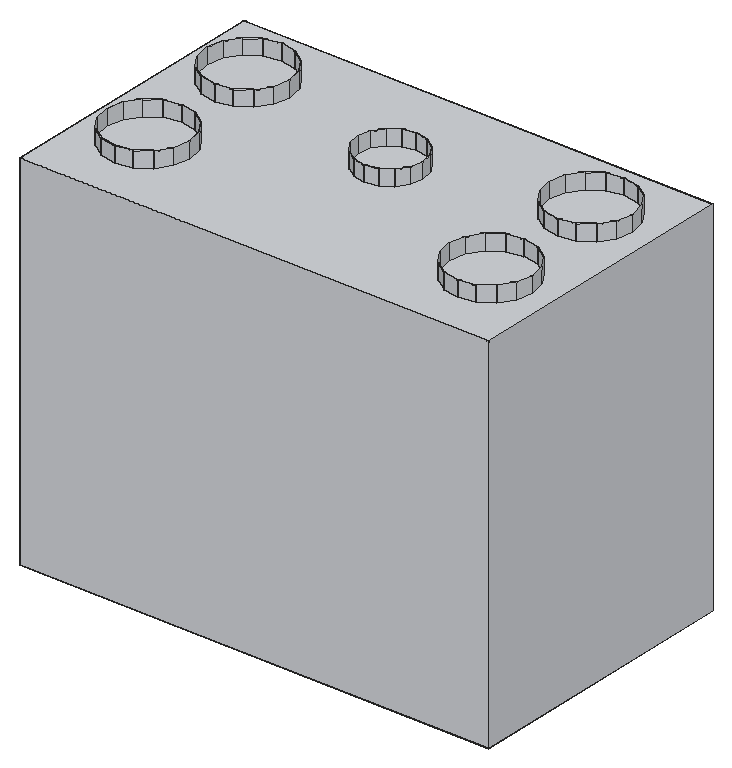
Revit family "Flexit UNI 4 R E EC R 230", category Mechanical Equipment, Revit 2015 (continued)
Parameters (values of type "Flexit UNI 4 R E EC R 230")
    4U0AAAAAAAOB1wNIHYAAAAAAAAMB5wAAAAAAA4FpAAAAAAADgdcDSBwkAAAAAAADAecAAAAAAAOBaQAAAAAAAwHfA0wdgACXmX9iQXnnA2GrpK6k4U0AAAAAAAMB3wNEHCQAAAAAAAMB5wAAAAAAA4FpAAAAAAADgdcDSB2AAJeZf2JBeecCUSgtqq0NhQAAAAAAA4HXA0gcJACXmX9iQXnnAlEoLaqtDYUAAAAAAAMB3wNMHYAAAAAAAAMB5wAAAAAAA4FpAAAAAAADAd8DRBwkAJeZf2JBeecCUSgtqq0NhQAAAAAAA4HXA0gdgABXhA8AYSXjAKsIHgDGCZEAAAAAAAOB1wNIHCQAV4QPAGEl4wCrCB4AxgmRAAAAAAADAd8DTB2AAJeZf2JBeecCUSgtqq0NhQAAAAAAAwHfA0QcJABXhA8AYSXjAKsIHgDGCZEAAAAAAAOB1wNIHYABKpQW11al2wEvMv7AhrWZAAAAAAADgdcDSBwkASqUFtdWpdsBLzL+wIa1mQAAAAAAAwHfA0wdgABXhA8AYSXjAKsIHgDGCZEAAAAAAAMB3wNEHCQBKpQW11al2wEvMv7AhrWZAAAAAAADgdcDSB2AAAAAAAADAdMAAAAAAAHBnQAAAAAAA4HXA0gcJAAAAAAAAwHTAAAAAAABwZ0AAAAAAAMB3wNMHYABKpQW11al2wEvMv7AhrWZAAAAAAADAd8DRBwkAAAAAAADAdMAAAAAAAHBnQAAAAAAA4HXA0gdgALZa+koq1nLAS8y/sCGtZkAAAAAAAOB1wNIHCQC2WvpKKtZywEvMv7AhrWZAAAAAAADAd8DTB2AAAAAAAADAdMAAAAAAAHBnQAAAAAAAwHfA0QcJALZa+koq1nLAS8y/sCGtZkAAAAAAAOB1wNIHYADrHvw/5zZxwCrCB4AxgmRAAAAAAADgdcDSBwkA6x78P+c2ccAqwgeAMYJkQAAAAAAAwHfA0wdgALZa+koq1nLAS8y/sCGtZkAAAAAAAMB3wNEHCQDrHvw/5zZxwCrCB4AxgmRAAAAAAADgdcDSB2AA2hmgJ28hcMCUSgtqq0NhQAAAAAAA4HXA0gcJANoZoCdvIXDAlEoLaqtDYUAAAAAAAMB3wNMHYADrHvw/5zZxwCrCB4AxgmRAAAAAAADAd8DRBwkA2hmgJ28hcMCUSgtqq0NhQAAAAAAA4HXA0gdgAAAAAAAAgG/AAAAAAADgWkAAAAAAAOB1wNIHCQAAAAAAAIBvwAAAAAAA4FpAAAAAAADAd8DTB2AA2hmgJ28hcMCUSgtqq0NhQAAAAAAAwHfA0QcJAAAAAAAAQE/AAAAAAADATEAAAAAAAOB1QNIHYABrXldICd9MwPG2nFSIykBAAAAAAADgdUDSBwkAa15XSAnfTMDxtpxUiMpAQAAAAAAAwHdA0wdgAAAAAAAAQE/AAAAAAADATEAAAAAAAMB3QNEHCQBrXldICd9MwPG2nFSIykBAAAAAAADgdUDSB2AAxD4YsNoYRsDvBJ8/lZwqQAAAAAAA4HVA0gcJAMQ+GLDaGEbA7wSfP5WcKkAAAAAAAMB3QNMHYABrXldICd9MwPG2nFSIykBAAAAAAADAd0DRBwkAxD4YsNoYRsDvBJ8/lZwqQAAAAAAA4HVA0gdgAB6Sxlbv6jfAkmpeV0gJz78AAAAAAOB1QNIHCQAeksZW7+o3wJJqXldICc+/AAAAAADAd0DTB2AAxD4YsNoYRsDvBJ8/lZwqQAAAAAAAwHdA0QcJAB6Sxlbv6jfAkmpeV0gJz78AAAAAAOB1QNIHYAAAAAAAAAAAAAAAAAAAABTAAAAAAADgdUDSBwkAAAAAAAAAAAAAAAAAAAAUwAAAAAAAwHdA0wdgAB6Sxlbv6jfAkmpeV0gJz78AAAAAAMB3QNEHCQAAAAAAAAAAAAAAAAAAABTAAAAAAADgdUDSB2AAH5LGVu/qN0CSal5XSAnPvwAAAAAA4HVA0gcJAB+Sxlbv6jdAkmpeV0gJz78AAAAAAMB3QNMHYAAAAAAAAAAAAAAAAAAAABTAAAAAAADAd0DRBwkAH5LGVu/qN0CSal5XSAnPvwAAAAAA4HVA0gdgAMQ+GLDaGEZA7wSfP5WcKkAAAAAAAOB1QNIHCQDEPhiw2hhGQO8Enz+VnCpAAAAAAADAd0DTB2AAH5LGVu/qN0CSal5XSAnPvwAAAAAAwHdA0QcJAMQ+GLDaGEZA7wSfP5WcKkAAAAAAAOB1QNIHYABqXldICd9MQPG2nFSIykBAAAAAAADgdUDSBwkAal5XSAnfTEDxtpxUiMpAQAAAAAAAwHdA0wdgAMQ+GLDaGEZA7wSfP5WcKkAAAAAAAMB3QNEHCQBqXldICd9MQPG2nFSIykBAAAAAAADgdUDSB2AAAAAAAABAT0AAAAAAAMBMQAAAAAAA4HVA0gcJAAAAAAAAQE9AAAAAAADATEAAAAAAAMB3QNMHYABqXldICd9MQPG2nFSIykBAAAAAAADAd0DRBwkAAAAAAABAT0AAAAAAAMBMQAAAAAAA4HVA0gdgAGpeV0gJ30xAiKSx1btaVEAAAAAAAOB1QNIHCQBqXldICd9MQIiksdW7WlRAAAAAAADAd0DTB2AAAAAAAABAT0AAAAAAAMBMQAAAAAAAwHdA0QcJAGpeV0gJ30xAiKSx1btaVEAAAAAAAOB1QNIHYADEPhiw2hhGQGIfDFhtbFlAAAAAAADgdUDSBwkAxD4YsNoYRkBiHwxYbWxZQAAAAAAAwHdA0wdgAGpeV0gJ30xAiKSx1btaVEAAAAAAAMB3QNEHCQDEPhiw2hhGQGIfDFhtbFlAAAAAAADgdUDSB2AAH5LGVu/qN0A1ryukhM9cQAAAAAAA4HVA0gcJAB+Sxlbv6jdANa8rpITPXEAAAAAAAMB3QNMHYADEPhiw2hhGQGIfDFhtbFlAAAAAAADAd0DRBwkAH5LGVu/qN0A1ryukhM9cQAAAAAAA4HVA0gdgAAAAAAAAAAAAAAAAAAAAXkAAAAAAAOB1QNIHCQAAAAAAAAAAAAAAAAAAAF5AAAAAAADAd0DTB2AAH5LGVu/qN0A1ryukhM9cQAAAAAAAwHdA0QcJAAAAAAAAAAAAAAAAAAAAXkAAAAAAAOB1QNIHYAAeksZW7+o3wDavK6SEz1xAAAAAAADgdUDSBwkAHpLGVu/qN8A2ryukhM9cQAAAAAAAwHdA0wdgAAAAAAAAAAAAAAAAAAAAXkAAAAAAAMB3QNEHCQAeksZW7+o3wDavK6SEz1xAAAAAAADgdUDSB2AAxD4YsNoYRsBiHwxYbWxZQAAAAAAA4HVA0gcJAMQ+GLDaGEbAYh8MWG1sWUAAAAAAAMB3QNMHYAAeksZW7+o3wDavK6SEz1xAAAAAAADAd0DRBwkAxD4YsNoYRsBiHwxYbWxZQAAAAAAA4HVA0gdgAGteV0gJ30zAiKSx1btaVEAAAAAAAOB1QNIHCQBrXldICd9MwIiksdW7WlRAAAAAAADAd0DTB2AAxD4YsNoYRsBiHwxYbWxZQAAAAAAAwHdA0QcJAGteV0gJ30zAiKSx1btaVEAAAAAAAOB1QNIHYAAAAAAAAEBPwAAAAAAAwExAAAAAAADgdUDSBwkAAAAAAABAT8AAAAAAAMBMQAAAAAAAwHdA0wdgAGteV0gJ30zAiKSx1btaVEAAAAAAAMB3QA==</gm_model>\r\n  </Block>\r\n  <Blocks />\r\n</Flexit>"
  magiProductId = "Flexit UNI 4 R E EC R 230"
  magiProductFamilyId = ""
  magiPartTypeId = 210
  magiFlags = 0
  magiFamilyGeom = MagiCAD_Flexit UNI 4 R E EC R 230 : MagiCAD_Flexit UNI 4 R E EC R 230
  Weight = "86.0 kg"
  VersionID = "1.0/Flexit"
  Unit size Supply = "4"
  Unit size Extract = "4"
  Unit description = "Flexit UNI 4 R E EC R 230"
  Supply air flow = 27.7778 L/s
  Supply Sound generation, total = "64 dB(A)"
  Supply Sound generation = "68 67 68 63 57 53 42 28 dB"
  Supply Frequency band = "63 125 250 500 1k 2k 4k 8k"
  Supply Dimensions = "160 mm"
  Sound data, ambient = "15 26 38 27 22 19 11 2 dB"
  Sound ambient, total = "31 dB(A)"
  Productdata [instance] = "© Progman Oy, all rights reserved"
  Pressure drop  Supply and Outdoor air ductwork = 100.0 Pa
  Pressure drop  Extract and Exhaust air ductwork = 100.0 Pa
  Outdoor 2 Sound generation, total = "54 dB(A)"
  Outdoor 2 Sound generation = "59 57 56 55 43 30 19 4 dB"
  Outdoor 2 Frequency band = "63 125 250 500 1k 2k 4k 8k"
  Outdoor 2 Dimensions = "160 mm"
  Outdoor 1 Sound generation, total = "54 dB(A)"
  Outdoor 1 Sound generation = "59 57 56 55 43 30 19 4 dB"
  Outdoor 1 Frequency band = "63 125 250 500 1k 2k 4k 8k"
  Outdoor 1 Dimensions = "160 mm"
  Frequency band = "63 125 250 500 1k 2k 4k 8k"
  Flexit project file name = "K2VE.FLX"
  Extract air flow = 27.7778 L/s
  Extract 3 Sound generation, total = "54 dB(A)"
  Extract 3 Sound generation = "59 57 56 55 43 30 19 4 dB"
  Extract 3 Frequency band = "63 125 250 500 1k 2k 4k 8k"
  Extract 3 Dimensions = "125 mm"
  Extract 2 Sound generation, total = "54 dB(A)"
  Extract 2 Sound generation = "59 57 56 55 43 30 19 4 dB"
  Extract 2 Frequency band = "63 125 250 500 1k 2k 4k 8k"
  Extract 2 Dimensions = "160 mm"
  Extract 1 Sound generation, total = "54 dB(A)"
  Extract 1 Sound generation = "59 57 56 55 43 30 19 4 dB"
  Extract 1 Frequency band = "63 125 250 500 1k 2k 4k 8k"
  Extract 1 Dimensions = "160 mm"
  Exhaust Sound generation, total = "64 dB(A)"
  Exhaust Sound generation = "68 67 68 63 57 53 42 28 dB"
  Exhaust Frequency band = "63 125 250 500 1k 2k 4k 8k"
  Exhaust Dimensions = "160 mm"
  Dimensions = "900 537 700 mm"
Reference planes
  plane 1 "Center (Front/Back)": y = 0
  plane 2: z = 0
  plane 3 "Center (Left/Right)": x = 0
Forms (mm)
  Extrusion 1, solid, not visible
    sketch origin (-329, -113, 365) x (1, 0, 0) y (0, 1, 0)
      loop
        line (15.24, 15.24) -> (-15.24, 15.24) -> (-15.24, -15.24) -> (15.24, -15.24) -> (15.24, 15.24)
    from 0 to -30.48
  Extrusion 2, solid, not visible
    sketch origin (329, -113, 365) x (1, 0, 0) y (0, 1, 0)
      loop
        line (15.24, 15.24) -> (-15.24, 15.24) -> (-15.24, -15.24) -> (15.24, -15.24) -> (15.24, 15.24)
    from 0 to -30.48
  Extrusion 3, solid, not visible
    sketch origin (332, -118, -365) x (0, 1, 0) y (1, 0, 0)
      loop
        line (-15.24, 15.24) -> (-15.24, -15.24) -> (15.24, -15.24) -> (15.24, 15.24) -> (-15.24, 15.24)
    from 0 to -30.48
  Extrusion 4, solid, not visible
    sketch origin (-329, 127.5, 365) x (1, 0, 0) y (0, 1, 0)
      loop
        line (15.24, 15.24) -> (-15.24, 15.24) -> (-15.24, -15.24) -> (15.24, -15.24) -> (15.24, 15.24)
    from 0 to -30.48
  Extrusion 5, solid, not visible
    sketch origin (-332, 107.5, -365) x (0, 1, 0) y (1, 0, 0)
      loop
        line (-15.24, 15.24) -> (-15.24, -15.24) -> (15.24, -15.24) -> (15.24, 15.24) -> (-15.24, 15.24)
    from 0 to -30.48
  Extrusion 6, solid, not visible
    sketch origin (0, 57.5, 365) x (1, 0, 0) y (0, 1, 0)
      loop
        line (15.24, 15.24) -> (-15.24, 15.24) -> (-15.24, -15.24) -> (15.24, -15.24) -> (15.24, 15.24)
    from 0 to -30.48
  Extrusion 7, solid, not visible
    sketch origin (329, 127.5, 365) x (1, 0, 0) y (0, 1, 0)
      loop
        line (15.24, 15.24) -> (-15.24, 15.24) -> (-15.24, -15.24) -> (15.24, -15.24) -> (15.24, 15.24)
    from 0 to -30.48
Text (mm)
  text "© Progman Oy, all rights reserved" at (-487.68, -1524, 0), in view "Ref. Level"
Nested families
  nested 1: "MagiCAD_Flexit UNI 4 R E EC R 230" at (0, 0, 0), type <- "magiFamilyGeom", type "MagiCAD_Flexit UNI 4 R E EC R 230"
Connectors
  hvac at (-329, -113, 365)
    settings: on Extrusion 1, index 1, duct flow 0.0 L/s, flow factor 0, pres drop 0.0 Pa, loss coef 0, conn angle 0.00°, conn width 304.8 mm, conn height 304.8 mm, conn diameter 160 mm, duct sys type 1, conn prof type 0, flow config 0, flow direction 2, loss method 0, conn ref index -1, conn util no, is conn primary yes, conn desc "Duct connection supply"
  hvac at (329, -113, 365)
    settings: on Extrusion 2, index 2, duct flow 0.0 L/s, flow factor 0, pres drop 0.0 Pa, loss coef 0, conn angle 0.00°, conn width 304.8 mm, conn height 304.8 mm, conn diameter 160 mm, duct sys type 1, conn prof type 0, flow config 0, flow direction 1, loss method 0, conn ref index -1, conn util no, is conn primary no, conn desc "Duct connection outdoor"
  hvac at (332, -118, -365)
    settings: on Extrusion 3, index 3, duct flow 0.0 L/s, flow factor 0, pres drop 0.0 Pa, loss coef 0, conn angle 0.00°, conn width 304.8 mm, conn height 304.8 mm, conn diameter 160 mm, duct sys type 1, conn prof type 0, flow config 0, flow direction 1, loss method 0, conn ref index -1, conn util no, is conn primary no, conn desc "Duct connection outdoor"
  hvac at (-329, 127.5, 365)
    settings: on Extrusion 4, index 4, duct flow 0.0 L/s, flow factor 0, pres drop 0.0 Pa, loss coef 0, conn angle 0.00°, conn width 304.8 mm, conn height 304.8 mm, conn diameter 160 mm, duct sys type 2, conn prof type 0, flow config 0, flow direction 1, loss method 0, conn ref index -1, conn util no, is conn primary no, conn desc "Duct connection extract"
  hvac at (-332, 107.5, -365)
    settings: on Extrusion 5, index 5, duct flow 0.0 L/s, flow factor 0, pres drop 0.0 Pa, loss coef 0, conn angle 0.00°, conn width 304.8 mm, conn height 304.8 mm, conn diameter 160 mm, duct sys type 2, conn prof type 0, flow config 0, flow direction 1, loss method 0, conn ref index -1, conn util no, is conn primary no, conn desc "Duct connection extract"
  hvac at (0, 57.5, 365)
    settings: on Extrusion 6, index 6, duct flow 0.0 L/s, flow factor 0, pres drop 0.0 Pa, loss coef 0, conn angle 0.00°, conn width 304.8 mm, conn height 304.8 mm, conn diameter 160 mm, duct sys type 2, conn prof type 0, flow config 0, flow direction 1, loss method 0, conn ref index -1, conn util no, is conn primary no, conn desc "Duct connection extract"
  hvac at (329, 127.5, 365)
    settings: on Extrusion 7, index 7, duct flow 0.0 L/s, flow factor 0, pres drop 0.0 Pa, loss coef 0, conn angle 0.00°, conn width 304.8 mm, conn height 304.8 mm, conn diameter 125 mm, duct sys type 3, conn prof type 0, flow config 0, flow direction 2, loss method 0, conn ref index -1, conn util no, is conn primary no, conn desc "Duct connection exhaust"
Definition of nested family "MagiCAD_Flexit UNI 4 R E EC R 230"
  Reference planes
    plane 1 "Center (Front/Back)": y = 0
    plane 2: z = 0
    plane 3 "Center (Left/Right)": x = 0
  Forms (mm)
    Extrusion 1, solid
      sketch origin (450, -268.5, 350) x (0, 1, 0) y (1, 0, 0)
        loop
          line (0, -900) -> (537, -900) -> (537, 0) -> (0, 0) -> (0, -900)
      from -0.1 to 0.1
    Extrusion 2, solid
      sketch origin (-450, 268.5, -350) x (1, 0, 0) y (0, 1, 0)
        loop
          line (0, -537) -> (900, -537) -> (900, 0) -> (0, 0) -> (0, -537)
      from -0.1 to 0.1
    Extrusion 3, solid
      sketch origin (450, 268.5, 350) x (0, 0, -1) y (1, 0, 0)
        loop
          line (0, -900) -> (700, -900) -> (700, 0) -> (0, 0) -> (0, -900)
      from -0.1 to 0.1
    Extrusion 4, solid
      sketch origin (-450, -268.5, -350) x (0, 0, 1) y (1, 0, 0)
        loop
          line (700, 0) -> (700, 900) -> (0, 900) -> (0, 0) -> (700, 0)
      from -0.1 to 0.1
    Extrusion 5, solid
      sketch origin (-450, 268.5, 350) x (0, 1, 0) y (0, 0, 1)
        loop
          line (-537, 0) -> (-537, -700) -> (0, -700) -> (0, 0) -> (-537, 0)
      from -0.1 to 0.1
    Extrusion 6, solid
      sketch origin (450, -268.5, -350) x (0, -1, 0) y (0, 0, 1)
        loop
          line (0, 700) -> (-537, 700) -> (-537, 0) -> (0, 0) -> (0, 700)
      from -0.1 to 0.1
    Extrusion 7, solid
      sketch origin (255.09, -143.115, 350) x (0.19509, -0.980785, 0) y (0, 0, -1)
        loop
          line (-31.214, 0) -> (-31.214, -30) -> (0, -30) -> (0, 0) -> (-31.214, 0)
      from -0.1 to 0.1
    Extrusion 8, solid
      sketch origin (272.431, -169.069, 350) x (0.55557, -0.83147, 0) y (0, 0, -1)
        loop
          line (-31.214, 0) -> (-31.214, -30) -> (0, -30) -> (0, 0) -> (-31.214, 0)
      from -0.1 to 0.1
    Extrusion 9, solid
      sketch origin (298.385, -186.41, 350) x (0.83147, -0.55557, 0) y (0, 0, -1)
        loop
          line (-31.214, 0) -> (-31.214, -30) -> (0, -30) -> (0, 0) -> (-31.214, 0)
      from -0.1 to 0.1
    Extrusion 10, solid
      sketch origin (329, -192.5, 350) x (0.980785, -0.19509, 0) y (0, 0, -1)
        loop
          line (-31.214, 0) -> (-31.214, -30) -> (0, -30) -> (0, 0) -> (-31.214, 0)
      from -0.1 to 0.1
    Extrusion 11, solid
      sketch origin (359.615, -186.41, 350) x (0.980785, 0.19509, 0) y (0, 0, -1)
        loop
          line (-31.214, 0) -> (-31.214, -30) -> (0, -30) -> (0, 0) -> (-31.214, 0)
      from -0.1 to 0.1
    Extrusion 12, solid
      sketch origin (385.569, -169.069, 350) x (0.83147, 0.55557, 0) y (0, 0, -1)
        loop
          line (-31.214, 0) -> (-31.214, -30) -> (0, -30) -> (0, 0) -> (-31.214, 0)
      from -0.1 to 0.1
    Extrusion 13, solid
      sketch origin (402.91, -143.115, 350) x (0.55557, 0.83147, 0) y (0, 0, -1)
        loop
          line (-31.214, 0) -> (-31.214, -30) -> (0, -30) -> (0, 0) -> (-31.214, 0)
      from -0.1 to 0.1
    Extrusion 14, solid
      sketch origin (409, -112.5, 350) x (0.19509, 0.980785, 0) y (0, 0, -1)
        loop
          line (-31.214, 0) -> (-31.214, -30) -> (0, -30) -> (0, 0) -> (-31.214, 0)
      from -0.1 to 0.1
    Extrusion 15, solid
      sketch origin (402.91, -81.885, 350) x (0.19509, -0.980785, 0) y (0, 0, 1)
        loop
          line (31.214, 0) -> (31.214, 30) -> (0, 30) -> (0, 0) -> (31.214, 0)
      from -0.1 to 0.1
    Extrusion 16, solid
      sketch origin (385.569, -55.931, 350) x (0.55557, -0.83147, 0) y (0, 0, 1)
        loop
          line (31.214, 0) -> (31.214, 30) -> (0, 30) -> (0, 0) -> (31.214, 0)
      from -0.1 to 0.1
    Extrusion 17, solid
      sketch origin (359.615, -38.59, 350) x (0.83147, -0.55557, 0) y (0, 0, 1)
        loop
          line (31.214, 0) -> (31.214, 30) -> (0, 30) -> (0, 0) -> (31.214, 0)
      from -0.1 to 0.1
    Extrusion 18, solid
      sketch origin (329, -32.5, 350) x (0.980785, -0.19509, 0) y (0, 0, 1)
        loop
          line (31.214, 0) -> (31.214, 30) -> (0, 30) -> (0, 0) -> (31.214, 0)
      from -0.1 to 0.1
    Extrusion 19, solid
      sketch origin (298.385, -38.59, 350) x (0.980785, 0.19509, 0) y (0, 0, 1)
        loop
          line (31.214, 0) -> (31.214, 30) -> (0, 30) -> (0, 0) -> (31.214, 0)
      from -0.1 to 0.1
    Extrusion 20, solid
      sketch origin (272.431, -55.931, 350) x (0.83147, 0.55557, 0) y (0, 0, 1)
        loop
          line (31.214, 0) -> (31.214, 30) -> (0, 30) -> (0, 0) -> (31.214, 0)
      from -0.1 to 0.1
    Extrusion 21, solid
      sketch origin (255.09, -81.885, 350) x (0.55557, 0.83147, 0) y (0, 0, 1)
        loop
          line (31.214, 0) -> (31.214, 30) -> (0, 30) -> (0, 0) -> (31.214, 0)
      from -0.1 to 0.1
    Extrusion 22, solid
      sketch origin (249, -112.5, 350) x (0.19509, 0.980785, 0) y (0, 0, 1)
        loop
          line (31.214, 0) -> (31.214, 30) -> (0, 30) -> (0, 0) -> (31.214, 0)
      from -0.1 to 0.1
    Extrusion 23, solid
      sketch origin (-402.91, -143.115, 350) x (0.19509, -0.980785, 0) y (0, 0, -1)
        loop
          line (-31.214, 0) -> (-31.214, -30) -> (0, -30) -> (0, 0) -> (-31.214, 0)
      from -0.1 to 0.1
    Extrusion 24, solid
      sketch origin (-385.569, -169.069, 350) x (0.55557, -0.83147, 0) y (0, 0, -1)
        loop
          line (-31.214, 0) -> (-31.214, -30) -> (0, -30) -> (0, 0) -> (-31.214, 0)
      from -0.1 to 0.1
    Extrusion 25, solid
      sketch origin (-359.615, -186.41, 350) x (0.83147, -0.55557, 0) y (0, 0, -1)
        loop
          line (-31.214, 0) -> (-31.214, -30) -> (0, -30) -> (0, 0) -> (-31.214, 0)
      from -0.1 to 0.1
    Extrusion 26, solid
      sketch origin (-329, -192.5, 350) x (0.980785, -0.19509, 0) y (0, 0, -1)
        loop
          line (-31.214, 0) -> (-31.214, -30) -> (0, -30) -> (0, 0) -> (-31.214, 0)
      from -0.1 to 0.1
    Extrusion 27, solid
      sketch origin (-298.385, -186.41, 350) x (0.980785, 0.19509, 0) y (0, 0, -1)
        loop
          line (-31.214, 0) -> (-31.214, -30) -> (0, -30) -> (0, 0) -> (-31.214, 0)
      from -0.1 to 0.1
    Extrusion 28, solid
      sketch origin (-272.431, -169.069, 350) x (0.83147, 0.55557, 0) y (0, 0, -1)
        loop
          line (-31.214, 0) -> (-31.214, -30) -> (0, -30) -> (0, 0) -> (-31.214, 0)
      from -0.1 to 0.1
    Extrusion 29, solid
      sketch origin (-255.09, -143.115, 350) x (0.55557, 0.83147, 0) y (0, 0, -1)
        loop
          line (-31.214, 0) -> (-31.214, -30) -> (0, -30) -> (0, 0) -> (-31.214, 0)
      from -0.1 to 0.1
    Extrusion 30, solid
      sketch origin (-249, -112.5, 350) x (0.19509, 0.980785, 0) y (0, 0, -1)
        loop
          line (-31.214, 0) -> (-31.214, -30) -> (0, -30) -> (0, 0) -> (-31.214, 0)
      from -0.1 to 0.1
    Extrusion 31, solid
      sketch origin (-255.09, -81.885, 350) x (0.19509, -0.980785, 0) y (0, 0, 1)
        loop
          line (31.214, 0) -> (31.214, 30) -> (0, 30) -> (0, 0) -> (31.214, 0)
      from -0.1 to 0.1
    Extrusion 32, solid
      sketch origin (-272.431, -55.931, 350) x (0.55557, -0.83147, 0) y (0, 0, 1)
        loop
          line (31.214, 0) -> (31.214, 30) -> (0, 30) -> (0, 0) -> (31.214, 0)
      from -0.1 to 0.1
    Extrusion 33, solid
      sketch origin (-298.385, -38.59, 350) x (0.83147, -0.55557, 0) y (0, 0, 1)
        loop
          line (31.214, 0) -> (31.214, 30) -> (0, 30) -> (0, 0) -> (31.214, 0)
      from -0.1 to 0.1
    Extrusion 34, solid
      sketch origin (-329, -32.5, 350) x (0.980785, -0.19509, 0) y (0, 0, 1)
        loop
          line (31.214, 0) -> (31.214, 30) -> (0, 30) -> (0, 0) -> (31.214, 0)
      from -0.1 to 0.1
    Extrusion 35, solid
      sketch origin (-359.615, -38.59, 350) x (0.980785, 0.19509, 0) y (0, 0, 1)
        loop
          line (31.214, 0) -> (31.214, 30) -> (0, 30) -> (0, 0) -> (31.214, 0)
      from -0.1 to 0.1
    Extrusion 36, solid
      sketch origin (-385.569, -55.931, 350) x (0.83147, 0.55557, 0) y (0, 0, 1)
        loop
          line (31.214, 0) -> (31.214, 30) -> (0, 30) -> (0, 0) -> (31.214, 0)
      from -0.1 to 0.1
    Extrusion 37, solid
      sketch origin (-402.91, -81.885, 350) x (0.55557, 0.83147, 0) y (0, 0, 1)
        loop
          line (31.214, 0) -> (31.214, 30) -> (0, 30) -> (0, 0) -> (31.214, 0)
      from -0.1 to 0.1
    Extrusion 38, solid
      sketch origin (-409, -112.5, 350) x (0.19509, 0.980785, 0) y (0, 0, 1)
        loop
          line (31.214, 0) -> (31.214, 30) -> (0, 30) -> (0, 0) -> (31.214, 0)
      from -0.1 to 0.1
    Extrusion 39, solid
      sketch origin (-402.91, 96.885, 350) x (0.19509, -0.980785, 0) y (0, 0, -1)
        loop
          line (-31.214, 0) -> (-31.214, -30) -> (0, -30) -> (0, 0) -> (-31.214, 0)
      from -0.1 to 0.1
    Extrusion 40, solid
      sketch origin (-385.569, 70.931, 350) x (0.55557, -0.83147, 0) y (0, 0, -1)
        loop
          line (-31.214, 0) -> (-31.214, -30) -> (0, -30) -> (0, 0) -> (-31.214, 0)
      from -0.1 to 0.1
    Extrusion 41, solid
      sketch origin (-359.615, 53.59, 350) x (0.83147, -0.55557, 0) y (0, 0, -1)
        loop
          line (-31.214, 0) -> (-31.214, -30) -> (0, -30) -> (0, 0) -> (-31.214, 0)
      from -0.1 to 0.1
    Extrusion 42, solid
      sketch origin (-329, 47.5, 350) x (0.980785, -0.19509, 0) y (0, 0, -1)
        loop
          line (-31.214, 0) -> (-31.214, -30) -> (0, -30) -> (0, 0) -> (-31.214, 0)
      from -0.1 to 0.1
    Extrusion 43, solid
      sketch origin (-298.385, 53.59, 350) x (0.980785, 0.19509, 0) y (0, 0, -1)
        loop
          line (-31.214, 0) -> (-31.214, -30) -> (0, -30) -> (0, 0) -> (-31.214, 0)
      from -0.1 to 0.1
    Extrusion 44, solid
      sketch origin (-272.431, 70.931, 350) x (0.83147, 0.55557, 0) y (0, 0, -1)
        loop
          line (-31.214, 0) -> (-31.214, -30) -> (0, -30) -> (0, 0) -> (-31.214, 0)
      from -0.1 to 0.1
    Extrusion 45, solid
      sketch origin (-255.09, 96.885, 350) x (0.55557, 0.83147, 0) y (0, 0, -1)
        loop
          line (-31.214, 0) -> (-31.214, -30) -> (0, -30) -> (0, 0) -> (-31.214, 0)
      from -0.1 to 0.1
    Extrusion 46, solid
      sketch origin (-249, 127.5, 350) x (0.19509, 0.980785, 0) y (0, 0, -1)
        loop
          line (-31.214, 0) -> (-31.214, -30) -> (0, -30) -> (0, 0) -> (-31.214, 0)
      from -0.1 to 0.1
    Extrusion 47, solid
      sketch origin (-255.09, 158.115, 350) x (0.19509, -0.980785, 0) y (0, 0, 1)
        loop
          line (31.214, 0) -> (31.214, 30) -> (0, 30) -> (0, 0) -> (31.214, 0)
      from -0.1 to 0.1
    Extrusion 48, solid
      sketch origin (-272.431, 184.069, 350) x (0.55557, -0.83147, 0) y (0, 0, 1)
        loop
          line (31.214, 0) -> (31.214, 30) -> (0, 30) -> (0, 0) -> (31.214, 0)
      from -0.1 to 0.1
    Extrusion 49, solid
      sketch origin (-298.385, 201.41, 350) x (0.83147, -0.55557, 0) y (0, 0, 1)
        loop
          line (31.214, 0) -> (31.214, 30) -> (0, 30) -> (0, 0) -> (31.214, 0)
      from -0.1 to 0.1
    Extrusion 50, solid
      sketch origin (-329, 207.5, 350) x (0.980785, -0.19509, 0) y (0, 0, 1)
        loop
          line (31.214, 0) -> (31.214, 30) -> (0, 30) -> (0, 0) -> (31.214, 0)
      from -0.1 to 0.1
    Extrusion 51, solid
      sketch origin (-359.615, 201.41, 350) x (0.980785, 0.19509, 0) y (0, 0, 1)
        loop
          line (31.214, 0) -> (31.214, 30) -> (0, 30) -> (0, 0) -> (31.214, 0)
      from -0.1 to 0.1
    Extrusion 52, solid
      sketch origin (-385.569, 184.069, 350) x (0.83147, 0.55557, 0) y (0, 0, 1)
        loop
          line (31.214, 0) -> (31.214, 30) -> (0, 30) -> (0, 0) -> (31.214, 0)
      from -0.1 to 0.1
    Extrusion 53, solid
      sketch origin (-402.91, 158.115, 350) x (0.55557, 0.83147, 0) y (0, 0, 1)
        loop
          line (31.214, 0) -> (31.214, 30) -> (0, 30) -> (0, 0) -> (31.214, 0)
      from -0.1 to 0.1
    Extrusion 54, solid
      sketch origin (-409, 127.5, 350) x (0.19509, 0.980785, 0) y (0, 0, 1)
        loop
          line (31.214, 0) -> (31.214, 30) -> (0, 30) -> (0, 0) -> (31.214, 0)
      from -0.1 to 0.1
    Extrusion 55, solid
      sketch origin (255.09, 96.885, 350) x (0.19509, -0.980785, 0) y (0, 0, -1)
        loop
          line (-31.214, 0) -> (-31.214, -30) -> (0, -30) -> (0, 0) -> (-31.214, 0)
      from -0.1 to 0.1
    Extrusion 56, solid
      sketch origin (272.431, 70.931, 350) x (0.55557, -0.83147, 0) y (0, 0, -1)
        loop
          line (-31.214, 0) -> (-31.214, -30) -> (0, -30) -> (0, 0) -> (-31.214, 0)
      from -0.1 to 0.1
    Extrusion 57, solid
      sketch origin (298.385, 53.59, 350) x (0.83147, -0.55557, 0) y (0, 0, -1)
        loop
          line (-31.214, 0) -> (-31.214, -30) -> (0, -30) -> (0, 0) -> (-31.214, 0)
      from -0.1 to 0.1
    Extrusion 58, solid
      sketch origin (329, 47.5, 350) x (0.980785, -0.19509, 0) y (0, 0, -1)
        loop
          line (-31.214, 0) -> (-31.214, -30) -> (0, -30) -> (0, 0) -> (-31.214, 0)
      from -0.1 to 0.1
    Extrusion 59, solid
      sketch origin (359.615, 53.59, 350) x (0.980785, 0.19509, 0) y (0, 0, -1)
        loop
          line (-31.214, 0) -> (-31.214, -30) -> (0, -30) -> (0, 0) -> (-31.214, 0)
      from -0.1 to 0.1
    Extrusion 60, solid
      sketch origin (385.569, 70.931, 350) x (0.83147, 0.55557, 0) y (0, 0, -1)
        loop
          line (-31.214, 0) -> (-31.214, -30) -> (0, -30) -> (0, 0) -> (-31.214, 0)
      from -0.1 to 0.1
    Extrusion 61, solid
      sketch origin (402.91, 96.885, 350) x (0.55557, 0.83147, 0) y (0, 0, -1)
        loop
          line (-31.214, 0) -> (-31.214, -30) -> (0, -30) -> (0, 0) -> (-31.214, 0)
      from -0.1 to 0.1
    Extrusion 62, solid
      sketch origin (409, 127.5, 350) x (0.19509, 0.980785, 0) y (0, 0, -1)
        loop
          line (-31.214, 0) -> (-31.214, -30) -> (0, -30) -> (0, 0) -> (-31.214, 0)
      from -0.1 to 0.1
    Extrusion 63, solid
      sketch origin (402.91, 158.115, 350) x (0.19509, -0.980785, 0) y (0, 0, 1)
        loop
          line (31.214, 0) -> (31.214, 30) -> (0, 30) -> (0, 0) -> (31.214, 0)
      from -0.1 to 0.1
    Extrusion 64, solid
      sketch origin (385.569, 184.069, 350) x (0.55557, -0.83147, 0) y (0, 0, 1)
        loop
          line (31.214, 0) -> (31.214, 30) -> (0, 30) -> (0, 0) -> (31.214, 0)
      from -0.1 to 0.1
    Extrusion 65, solid
      sketch origin (359.615, 201.41, 350) x (0.83147, -0.55557, 0) y (0, 0, 1)
        loop
          line (31.214, 0) -> (31.214, 30) -> (0, 30) -> (0, 0) -> (31.214, 0)
      from -0.1 to 0.1
    Extrusion 66, solid
      sketch origin (329, 207.5, 350) x (0.980785, -0.19509, 0) y (0, 0, 1)
        loop
          line (31.214, 0) -> (31.214, 30) -> (0, 30) -> (0, 0) -> (31.214, 0)
      from -0.1 to 0.1
    Extrusion 67, solid
      sketch origin (298.385, 201.41, 350) x (0.980785, 0.19509, 0) y (0, 0, 1)
        loop
          line (31.214, 0) -> (31.214, 30) -> (0, 30) -> (0, 0) -> (31.214, 0)
      from -0.1 to 0.1
    Extrusion 68, solid
      sketch origin (272.431, 184.069, 350) x (0.83147, 0.55557, 0) y (0, 0, 1)
        loop
          line (31.214, 0) -> (31.214, 30) -> (0, 30) -> (0, 0) -> (31.214, 0)
      from -0.1 to 0.1
    Extrusion 69, solid
      sketch origin (255.09, 158.115, 350) x (0.55557, 0.83147, 0) y (0, 0, 1)
        loop
          line (31.214, 0) -> (31.214, 30) -> (0, 30) -> (0, 0) -> (31.214, 0)
      from -0.1 to 0.1
    Extrusion 70, solid
      sketch origin (249, 127.5, 350) x (0.19509, 0.980785, 0) y (0, 0, 1)
        loop
          line (31.214, 0) -> (31.214, 30) -> (0, 30) -> (0, 0) -> (31.214, 0)
      from -0.1 to 0.1
    Extrusion 71, solid
      sketch origin (405.91, -148.115, -350) x (0.19509, 0.980785, 0) y (0, 0, -1)
        loop
          line (31.214, 0) -> (31.214, 30) -> (0, 30) -> (0, 0) -> (31.214, 0)
      from -0.1 to 0.1
    Extrusion 72, solid
      sketch origin (388.569, -174.069, -350) x (0.55557, 0.83147, 0) y (0, 0, -1)
        loop
          line (31.214, 0) -> (31.214, 30) -> (0, 30) -> (0, 0) -> (31.214, 0)
      from -0.1 to 0.1
    Extrusion 73, solid
      sketch origin (362.615, -191.41, -350) x (0.83147, 0.55557, 0) y (0, 0, -1)
        loop
          line (31.214, 0) -> (31.214, 30) -> (0, 30) -> (0, 0) -> (31.214, 0)
      from -0.1 to 0.1
    Extrusion 74, solid
      sketch origin (332, -197.5, -350) x (0.980785, 0.19509, 0) y (0, 0, -1)
        loop
          line (31.214, 0) -> (31.214, 30) -> (0, 30) -> (0, 0) -> (31.214, 0)
      from -0.1 to 0.1
    Extrusion 75, solid
      sketch origin (301.385, -191.41, -350) x (0.980785, -0.19509, 0) y (0, 0, -1)
        loop
          line (31.214, 0) -> (31.214, 30) -> (0, 30) -> (0, 0) -> (31.214, 0)
      from -0.1 to 0.1
    Extrusion 76, solid
      sketch origin (275.431, -174.069, -350) x (0.83147, -0.55557, 0) y (0, 0, -1)
        loop
          line (31.214, 0) -> (31.214, 30) -> (0, 30) -> (0, 0) -> (31.214, 0)
      from -0.1 to 0.1
    Extrusion 77, solid
      sketch origin (258.09, -148.115, -350) x (0.55557, -0.83147, 0) y (0, 0, -1)
        loop
          line (31.214, 0) -> (31.214, 30) -> (0, 30) -> (0, 0) -> (31.214, 0)
      from -0.1 to 0.1
    Extrusion 78, solid
      sketch origin (252, -117.5, -350) x (0.19509, -0.980785, 0) y (0, 0, -1)
        loop
          line (31.214, 0) -> (31.214, 30) -> (0, 30) -> (0, 0) -> (31.214, 0)
      from -0.1 to 0.1
    Extrusion 79, solid
      sketch origin (258.09, -86.885, -350) x (0.19509, 0.980785, 0) y (0, 0, 1)
        loop
          line (-31.214, 0) -> (-31.214, -30) -> (0, -30) -> (0, 0) -> (-31.214, 0)
      from -0.1 to 0.1
    Extrusion 80, solid
      sketch origin (275.431, -60.931, -350) x (0.55557, 0.83147, 0) y (0, 0, 1)
        loop
          line (-31.214, 0) -> (-31.214, -30) -> (0, -30) -> (0, 0) -> (-31.214, 0)
      from -0.1 to 0.1
    Extrusion 81, solid
      sketch origin (301.385, -43.59, -350) x (0.83147, 0.55557, 0) y (0, 0, 1)
        loop
          line (-31.214, 0) -> (-31.214, -30) -> (0, -30) -> (0, 0) -> (-31.214, 0)
      from -0.1 to 0.1
    Extrusion 82, solid
      sketch origin (332, -37.5, -350) x (0.980785, 0.19509, 0) y (0, 0, 1)
        loop
          line (-31.214, 0) -> (-31.214, -30) -> (0, -30) -> (0, 0) -> (-31.214, 0)
      from -0.1 to 0.1
    Extrusion 83, solid
      sketch origin (362.615, -43.59, -350) x (0.980785, -0.19509, 0) y (0, 0, 1)
        loop
          line (-31.214, 0) -> (-31.214, -30) -> (0, -30) -> (0, 0) -> (-31.214, 0)
      from -0.1 to 0.1
    Extrusion 84, solid
      sketch origin (388.569, -60.931, -350) x (0.83147, -0.55557, 0) y (0, 0, 1)
        loop
          line (-31.214, 0) -> (-31.214, -30) -> (0, -30) -> (0, 0) -> (-31.214, 0)
      from -0.1 to 0.1
    Extrusion 85, solid
      sketch origin (405.91, -86.885, -350) x (0.55557, -0.83147, 0) y (0, 0, 1)
        loop
          line (-31.214, 0) -> (-31.214, -30) -> (0, -30) -> (0, 0) -> (-31.214, 0)
      from -0.1 to 0.1
    Extrusion 86, solid
      sketch origin (412, -117.5, -350) x (0.19509, -0.980785, 0) y (0, 0, 1)
        loop
          line (-31.214, 0) -> (-31.214, -30) -> (0, -30) -> (0, 0) -> (-31.214, 0)
      from -0.1 to 0.1
    Extrusion 87, solid
      sketch origin (-258.09, 76.885, -350) x (0.19509, 0.980785, 0) y (0, 0, -1)
        loop
          line (31.214, 0) -> (31.214, 30) -> (0, 30) -> (0, 0) -> (31.214, 0)
      from -0.1 to 0.1
    Extrusion 88, solid
      sketch origin (-275.431, 50.931, -350) x (0.55557, 0.83147, 0) y (0, 0, -1)
        loop
          line (31.214, 0) -> (31.214, 30) -> (0, 30) -> (0, 0) -> (31.214, 0)
      from -0.1 to 0.1
    Extrusion 89, solid
      sketch origin (-301.385, 33.59, -350) x (0.83147, 0.55557, 0) y (0, 0, -1)
        loop
          line (31.214, 0) -> (31.214, 30) -> (0, 30) -> (0, 0) -> (31.214, 0)
      from -0.1 to 0.1
    Extrusion 90, solid
      sketch origin (-332, 27.5, -350) x (0.980785, 0.19509, 0) y (0, 0, -1)
        loop
          line (31.214, 0) -> (31.214, 30) -> (0, 30) -> (0, 0) -> (31.214, 0)
      from -0.1 to 0.1
    Extrusion 91, solid
      sketch origin (-362.615, 33.59, -350) x (0.980785, -0.19509, 0) y (0, 0, -1)
        loop
          line (31.214, 0) -> (31.214, 30) -> (0, 30) -> (0, 0) -> (31.214, 0)
      from -0.1 to 0.1
    Extrusion 92, solid
      sketch origin (-388.569, 50.931, -350) x (0.83147, -0.55557, 0) y (0, 0, -1)
        loop
          line (31.214, 0) -> (31.214, 30) -> (0, 30) -> (0, 0) -> (31.214, 0)
      from -0.1 to 0.1
    Extrusion 93, solid
      sketch origin (-405.91, 76.885, -350) x (0.55557, -0.83147, 0) y (0, 0, -1)
        loop
          line (31.214, 0) -> (31.214, 30) -> (0, 30) -> (0, 0) -> (31.214, 0)
      from -0.1 to 0.1
    Extrusion 94, solid
      sketch origin (-412, 107.5, -350) x (0.19509, -0.980785, 0) y (0, 0, -1)
        loop
          line (31.214, 0) -> (31.214, 30) -> (0, 30) -> (0, 0) -> (31.214, 0)
      from -0.1 to 0.1
    Extrusion 95, solid
      sketch origin (-405.91, 138.115, -350) x (0.19509, 0.980785, 0) y (0, 0, 1)
        loop
          line (-31.214, 0) -> (-31.214, -30) -> (0, -30) -> (0, 0) -> (-31.214, 0)
      from -0.1 to 0.1
    Extrusion 96, solid
      sketch origin (-388.569, 164.069, -350) x (0.55557, 0.83147, 0) y (0, 0, 1)
        loop
          line (-31.214, 0) -> (-31.214, -30) -> (0, -30) -> (0, 0) -> (-31.214, 0)
      from -0.1 to 0.1
    Extrusion 97, solid
      sketch origin (-362.615, 181.41, -350) x (0.83147, 0.55557, 0) y (0, 0, 1)
        loop
          line (-31.214, 0) -> (-31.214, -30) -> (0, -30) -> (0, 0) -> (-31.214, 0)
      from -0.1 to 0.1
    Extrusion 98, solid
      sketch origin (-332, 187.5, -350) x (0.980785, 0.19509, 0) y (0, 0, 1)
        loop
          line (-31.214, 0) -> (-31.214, -30) -> (0, -30) -> (0, 0) -> (-31.214, 0)
      from -0.1 to 0.1
    Extrusion 99, solid
      sketch origin (-301.385, 181.41, -350) x (0.980785, -0.19509, 0) y (0, 0, 1)
        loop
          line (-31.214, 0) -> (-31.214, -30) -> (0, -30) -> (0, 0) -> (-31.214, 0)
      from -0.1 to 0.1
    Extrusion 100, solid
      sketch origin (-275.431, 164.069, -350) x (0.83147, -0.55557, 0) y (0, 0, 1)
        loop
          line (-31.214, 0) -> (-31.214, -30) -> (0, -30) -> (0, 0) -> (-31.214, 0)
      from -0.1 to 0.1
    Extrusion 101, solid
      sketch origin (-258.09, 138.115, -350) x (0.55557, -0.83147, 0) y (0, 0, 1)
        loop
          line (-31.214, 0) -> (-31.214, -30) -> (0, -30) -> (0, 0) -> (-31.214, 0)
      from -0.1 to 0.1
    Extrusion 102, solid
      sketch origin (-252, 107.5, -350) x (0.19509, -0.980785, 0) y (0, 0, 1)
        loop
          line (-31.214, 0) -> (-31.214, -30) -> (0, -30) -> (0, 0) -> (-31.214, 0)
      from -0.1 to 0.1
    Extrusion 103, solid
      sketch origin (-57.742, 33.582, 350) x (0.19509, -0.980785, 0) y (0, 0, -1)
        loop
          line (-24.386, 0) -> (-24.386, -30) -> (0, -30) -> (0, 0) -> (-24.386, 0)
      from -0.1 to 0.1
    Extrusion 104, solid
      sketch origin (-44.194, 13.306, 350) x (0.55557, -0.83147, 0) y (0, 0, -1)
        loop
          line (-24.386, 0) -> (-24.386, -30) -> (0, -30) -> (0, 0) -> (-24.386, 0)
      from -0.1 to 0.1
    Extrusion 105, solid
      sketch origin (-23.918, -0.242, 350) x (0.83147, -0.55557, 0) y (0, 0, -1)
        loop
          line (-24.386, 0) -> (-24.386, -30) -> (0, -30) -> (0, 0) -> (-24.386, 0)
      from -0.1 to 0.1
    Extrusion 106, solid
      sketch origin (0, -5, 350) x (0.980785, -0.19509, 0) y (0, 0, -1)
        loop
          line (-24.386, 0) -> (-24.386, -30) -> (0, -30) -> (0, 0) -> (-24.386, 0)
      from -0.1 to 0.1
    Extrusion 107, solid
      sketch origin (23.918, -0.242, 350) x (0.980785, 0.19509, 0) y (0, 0, -1)
        loop
          line (-24.386, 0) -> (-24.386, -30) -> (0, -30) -> (0, 0) -> (-24.386, 0)
      from -0.1 to 0.1
    Extrusion 108, solid
      sketch origin (44.194, 13.306, 350) x (0.83147, 0.55557, 0) y (0, 0, -1)
        loop
          line (-24.386, 0) -> (-24.386, -30) -> (0, -30) -> (0, 0) -> (-24.386, 0)
      from -0.1 to 0.1
    Extrusion 109, solid
      sketch origin (57.742, 33.582, 350) x (0.55557, 0.83147, 0) y (0, 0, -1)
        loop
          line (-24.386, 0) -> (-24.386, -30) -> (0, -30) -> (0, 0) -> (-24.386, 0)
      from -0.1 to 0.1
    Extrusion 110, solid
      sketch origin (62.5, 57.5, 350) x (0.19509, 0.980785, 0) y (0, 0, -1)
        loop
          line (-24.386, 0) -> (-24.386, -30) -> (0, -30) -> (0, 0) -> (-24.386, 0)
      from -0.1 to 0.1
    Extrusion 111, solid
      sketch origin (57.742, 81.418, 350) x (0.19509, -0.980785, 0) y (0, 0, 1)
        loop
          line (24.386, 0) -> (24.386, 30) -> (0, 30) -> (0, 0) -> (24.386, 0)
      from -0.1 to 0.1
    Extrusion 112, solid
      sketch origin (44.194, 101.694, 350) x (0.55557, -0.83147, 0) y (0, 0, 1)
        loop
          line (24.386, 0) -> (24.386, 30) -> (0, 30) -> (0, 0) -> (24.386, 0)
      from -0.1 to 0.1
    Extrusion 113, solid
      sketch origin (23.918, 115.242, 350) x (0.83147, -0.55557, 0) y (0, 0, 1)
        loop
          line (24.386, 0) -> (24.386, 30) -> (0, 30) -> (0, 0) -> (24.386, 0)
      from -0.1 to 0.1
    Extrusion 114, solid
      sketch origin (0, 120, 350) x (0.980785, -0.19509, 0) y (0, 0, 1)
        loop
          line (24.386, 0) -> (24.386, 30) -> (0, 30) -> (0, 0) -> (24.386, 0)
      from -0.1 to 0.1
    Extrusion 115, solid
      sketch origin (-23.918, 115.242, 350) x (0.980785, 0.19509, 0) y (0, 0, 1)
        loop
          line (24.386, 0) -> (24.386, 30) -> (0, 30) -> (0, 0) -> (24.386, 0)
      from -0.1 to 0.1
    Extrusion 116, solid
      sketch origin (-44.194, 101.694, 350) x (0.83147, 0.55557, 0) y (0, 0, 1)
        loop
          line (24.386, 0) -> (24.386, 30) -> (0, 30) -> (0, 0) -> (24.386, 0)
      from -0.1 to 0.1
    Extrusion 117, solid
      sketch origin (-57.742, 81.418, 350) x (0.55557, 0.83147, 0) y (0, 0, 1)
        loop
          line (24.386, 0) -> (24.386, 30) -> (0, 30) -> (0, 0) -> (24.386, 0)
      from -0.1 to 0.1
    Extrusion 118, solid
      sketch origin (-62.5, 57.5, 350) x (0.19509, 0.980785, 0) y (0, 0, 1)
        loop
          line (24.386, 0) -> (24.386, 30) -> (0, 30) -> (0, 0) -> (24.386, 0)
      from -0.1 to 0.1
  Lines and regions (mm)
    model lines
      curve 1: circle (0, 268.51, -140) r 72 normal (0, 1, 0)
      curve 2: circle (-112.5, 268.51, 306.25) r 32.812 normal (0, 1, 0)
      curve 3: circle (-112.5, 268.51, 175) r 65.625 normal (0, 1, 0)
      curve 4: circle (337.5, 268.51, 175) r 65.625 normal (0, 1, 0)
      curve 5: circle (0, -268.51, -140) r 72 normal (0, 1, 0)
      curve 6: circle (-112.5, -268.51, 306.25) r 32.812 normal (0, 1, 0)
      curve 7: circle (-112.5, -268.51, 175) r 65.625 normal (0, 1, 0)
      curve 8: circle (337.5, -268.51, 175) r 65.625 normal (0, 1, 0)
      curve 9: line (-450.01, -238.5, -350) -> (-450.01, -238.5, 350)
      curve 10: line (450.01, -238.5, -350) -> (450.01, -238.5, 350)
      curve 11: line (450, 268.51, -350) -> (450, 268.51, 350)
      curve 12: line (450, 268.51, 350) -> (-450, 268.51, 350)
      curve 13: line (-450, 268.51, 350) -> (-450, 268.51, -350)
      curve 14: line (-450, 268.51, -350) -> (450, 268.51, -350)
      curve 15: line (90, 268.51, -350) -> (90, 268.51, 70)
      curve 16: line (90, 268.51, 70) -> (-90, 268.51, 70)
      curve 17: line (-90, 268.51, 70) -> (-90, 268.51, -350)
      curve 18: line (-90, 268.51, -350) -> (90, 268.51, -350)
      curve 19: line (-50.912, 268.51, -89.088) -> (50.912, 268.51, -190.912)
      curve 20: line (-7.456, 268.51, -165.456) -> (-43.456, 268.51, -165.456)
      curve 21: line (43.456, 268.51, -122) -> (7.456, 268.51, -122)
      curve 22: line (25.456, 268.51, -140) -> (25.456, 268.51, -104)
      curve 23: line (90, 268.51, 49) -> (-90, 268.51, 49)
      curve 24: line (90, 268.51, 28) -> (-90, 268.51, 28)
      curve 25: line (90, 268.51, 7) -> (-90, 268.51, 7)
      curve 26: line (90, 268.51, -14) -> (-90, 268.51, -14)
      curve 27: line (90, 268.51, -35) -> (-90, 268.51, -35)
      curve 28: line (90, 268.51, -56) -> (-90, 268.51, -56)
      curve 29: line (90, 268.51, -77) -> (34.857, 268.51, -77)
      curve 30: line (-34.857, 268.51, -77) -> (-90, 268.51, -77)
      curve 31: line (90, 268.51, -98) -> (58.481, 268.51, -98)
      curve 32: line (-58.481, 268.51, -98) -> (-90, 268.51, -98)
      curve 33: line (90, 268.51, -119) -> (68.869, 268.51, -119)
      curve 34: line (-68.869, 268.51, -119) -> (-90, 268.51, -119)
      curve 35: line (90, 268.51, -140) -> (72, 268.51, -140)
      curve 36: line (-72, 268.51, -140) -> (-90, 268.51, -140)
      curve 37: line (90, 268.51, -161) -> (68.869, 268.51, -161)
      curve 38: line (-68.869, 268.51, -161) -> (-90, 268.51, -161)
      curve 39: line (90, 268.51, -182) -> (58.481, 268.51, -182)
      curve 40: line (-58.481, 268.51, -182) -> (-90, 268.51, -182)
      curve 41: line (90, 268.51, -203) -> (34.857, 268.51, -203)
      curve 42: line (-34.857, 268.51, -203) -> (-90, 268.51, -203)
      curve 43: line (90, 268.51, -224) -> (-90, 268.51, -224)
      curve 44: line (90, 268.51, -245) -> (-90, 268.51, -245)
      curve 45: line (90, 268.51, -266) -> (-90, 268.51, -266)
      curve 46: line (90, 268.51, -287) -> (-90, 268.51, -287)
      curve 47: line (90, 268.51, -308) -> (-90, 268.51, -308)
      curve 48: line (90, 268.51, -329) -> (-90, 268.51, -329)
      curve 49: line (0, 268.51, 350) -> (0, 268.51, 70)
      curve 50: line (-225, 268.51, 350) -> (-225, 268.51, -140)
      curve 51: line (225, 268.51, 350) -> (225, 268.51, -140)
      curve 52: line (-225, 268.51, -140) -> (-90, 268.51, -140)
      curve 53: line (225, 268.51, -140) -> (90, 268.51, -140)
      curve 54: line (-90, 268.51, -350) -> (-90, 268.51, -140)
      curve 55: line (-90, 268.51, -140) -> (-180, 268.51, -140)
      curve 56: line (-180, 268.51, -140) -> (-180, 268.51, -350)
      curve 57: line (-180, 268.51, -350) -> (-90, 268.51, -350)
      curve 58: line (-90, 268.51, -350) -> (-180, 268.51, -297.5)
      curve 59: line (-90, 268.51, -245) -> (-180, 268.51, -297.5)
      curve 60: line (-90, 268.51, -245) -> (-180, 268.51, -192.5)
      curve 61: line (-90, 268.51, -140) -> (-180, 268.51, -192.5)
      curve 62: line (180, 268.51, -140) -> (180, 268.51, 70)
      curve 63: line (180, 268.51, 70) -> (90, 268.51, 70)
      curve 64: line (90, 268.51, 70) -> (90, 268.51, -140)
      curve 65: line (90, 268.51, -140) -> (180, 268.51, -140)
      curve 66: line (180, 268.51, -140) -> (90, 268.51, -87.5)
      curve 67: line (180, 268.51, -35) -> (90, 268.51, -87.5)
      curve 68: line (180, 268.51, -35) -> (90, 268.51, 17.5)
      curve 69: line (180, 268.51, 70) -> (90, 268.51, 17.5)
      curve 70: line (0, 268.51, 350) -> (-225, 268.51, 350)
      curve 71: line (-225, 268.51, 350) -> (-225, 268.51, 262.5)
      curve 72: line (-225, 268.51, 262.5) -> (0, 268.51, 262.5)
      curve 73: line (0, 268.51, 262.5) -> (0, 268.51, 350)
      curve 74: line (-112.5, 268.51, 328.125) -> (-112.5, 268.51, 284.375)
      curve 75: line (-90.625, 268.51, 306.25) -> (-134.375, 268.51, 306.25)
      curve 76: line (-225, 268.51, 87.5) -> (0, 268.51, 87.5)
      curve 77: line (0, 268.51, 87.5) -> (0, 268.51, 262.5)
      curve 78: line (0, 268.51, 262.5) -> (-225, 268.51, 262.5)
      curve 79: line (-225, 268.51, 262.5) -> (-225, 268.51, 87.5)
      curve 80: line (-112.5, 268.51, 240.625) -> (-55.667, 268.51, 142.187)
      curve 81: line (-55.667, 268.51, 142.187) -> (-169.333, 268.51, 142.187)
      curve 82: line (-169.333, 268.51, 142.187) -> (-112.5, 268.51, 240.625)
      curve 83: line (225, 268.51, 87.5) -> (450, 268.51, 87.5)
      curve 84: line (450, 268.51, 87.5) -> (450, 268.51, 262.5)
      curve 85: line (450, 268.51, 262.5) -> (225, 268.51, 262.5)
      curve 86: line (225, 268.51, 262.5) -> (225, 268.51, 87.5)
      curve 87: line (337.5, 268.51, 240.625) -> (394.333, 268.51, 142.187)
      curve 88: line (394.333, 268.51, 142.187) -> (280.667, 268.51, 142.187)
      curve 89: line (280.667, 268.51, 142.187) -> (337.5, 268.51, 240.625)
      curve 90: line (450, -268.51, -350) -> (450, -268.51, 350)
      curve 91: line (450, -268.51, 350) -> (-450, -268.51, 350)
      curve 92: line (-450, -268.51, 350) -> (-450, -268.51, -350)
      curve 93: line (-450, -268.51, -350) -> (450, -268.51, -350)
      curve 94: line (90, -268.51, -350) -> (90, -268.51, 70)
      curve 95: line (90, -268.51, 70) -> (-90, -268.51, 70)
      curve 96: line (-90, -268.51, 70) -> (-90, -268.51, -350)
      curve 97: line (-90, -268.51, -350) -> (90, -268.51, -350)
      curve 98: line (-50.912, -268.51, -89.088) -> (50.912, -268.51, -190.912)
      curve 99: line (-7.456, -268.51, -165.456) -> (-43.456, -268.51, -165.456)
      curve 100: line (43.456, -268.51, -122) -> (7.456, -268.51, -122)
      curve 101: line (25.456, -268.51, -140) -> (25.456, -268.51, -104)
      curve 102: line (90, -268.51, 49) -> (-90, -268.51, 49)
      curve 103: line (90, -268.51, 28) -> (-90, -268.51, 28)
      curve 104: line (90, -268.51, 7) -> (-90, -268.51, 7)
      curve 105: line (90, -268.51, -14) -> (-90, -268.51, -14)
      curve 106: line (90, -268.51, -35) -> (-90, -268.51, -35)
      curve 107: line (90, -268.51, -56) -> (-90, -268.51, -56)
      curve 108: line (90, -268.51, -77) -> (34.857, -268.51, -77)
      curve 109: line (-34.857, -268.51, -77) -> (-90, -268.51, -77)
      curve 110: line (90, -268.51, -98) -> (58.481, -268.51, -98)
      curve 111: line (-58.481, -268.51, -98) -> (-90, -268.51, -98)
      curve 112: line (90, -268.51, -119) -> (68.869, -268.51, -119)
      curve 113: line (-68.869, -268.51, -119) -> (-90, -268.51, -119)
      curve 114: line (90, -268.51, -140) -> (72, -268.51, -140)
      curve 115: line (-72, -268.51, -140) -> (-90, -268.51, -140)
      curve 116: line (90, -268.51, -161) -> (68.869, -268.51, -161)
      curve 117: line (-68.869, -268.51, -161) -> (-90, -268.51, -161)
      curve 118: line (90, -268.51, -182) -> (58.481, -268.51, -182)
      curve 119: line (-58.481, -268.51, -182) -> (-90, -268.51, -182)
      curve 120: line (90, -268.51, -203) -> (34.857, -268.51, -203)
      curve 121: line (-34.857, -268.51, -203) -> (-90, -268.51, -203)
      curve 122: line (90, -268.51, -224) -> (-90, -268.51, -224)
      curve 123: line (90, -268.51, -245) -> (-90, -268.51, -245)
      curve 124: line (90, -268.51, -266) -> (-90, -268.51, -266)
      curve 125: line (90, -268.51, -287) -> (-90, -268.51, -287)
      curve 126: line (90, -268.51, -308) -> (-90, -268.51, -308)
      curve 127: line (90, -268.51, -329) -> (-90, -268.51, -329)
      curve 128: line (0, -268.51, 350) -> (0, -268.51, 70)
      curve 129: line (-225, -268.51, 350) -> (-225, -268.51, -140)
      curve 130: line (225, -268.51, 350) -> (225, -268.51, -140)
      curve 131: line (-225, -268.51, -140) -> (-90, -268.51, -140)
      curve 132: line (225, -268.51, -140) -> (90, -268.51, -140)
      curve 133: line (-90, -268.51, -350) -> (-90, -268.51, -140)
      curve 134: line (-90, -268.51, -140) -> (-180, -268.51, -140)
      curve 135: line (-180, -268.51, -140) -> (-180, -268.51, -350)
      curve 136: line (-180, -268.51, -350) -> (-90, -268.51, -350)
      curve 137: line (-90, -268.51, -350) -> (-180, -268.51, -297.5)
      curve 138: line (-90, -268.51, -245) -> (-180, -268.51, -297.5)
      curve 139: line (-90, -268.51, -245) -> (-180, -268.51, -192.5)
      curve 140: line (-90, -268.51, -140) -> (-180, -268.51, -192.5)
      curve 141: line (180, -268.51, -140) -> (180, -268.51, 70)
      curve 142: line (180, -268.51, 70) -> (90, -268.51, 70)
      curve 143: line (90, -268.51, 70) -> (90, -268.51, -140)
      curve 144: line (90, -268.51, -140) -> (180, -268.51, -140)
      curve 145: line (180, -268.51, -140) -> (90, -268.51, -87.5)
      curve 146: line (180, -268.51, -35) -> (90, -268.51, -87.5)
      curve 147: line (180, -268.51, -35) -> (90, -268.51, 17.5)
      curve 148: line (180, -268.51, 70) -> (90, -268.51, 17.5)
      curve 149: line (0, -268.51, 350) -> (-225, -268.51, 350)
      curve 150: line (-225, -268.51, 350) -> (-225, -268.51, 262.5)
      curve 151: line (-225, -268.51, 262.5) -> (0, -268.51, 262.5)
      curve 152: line (0, -268.51, 262.5) -> (0, -268.51, 350)
      curve 153: line (-112.5, -268.51, 328.125) -> (-112.5, -268.51, 284.375)
      curve 154: line (-90.625, -268.51, 306.25) -> (-134.375, -268.51, 306.25)
      curve 155: line (-225, -268.51, 87.5) -> (0, -268.51, 87.5)
      curve 156: line (0, -268.51, 87.5) -> (0, -268.51, 262.5)
      curve 157: line (0, -268.51, 262.5) -> (-225, -268.51, 262.5)
      curve 158: line (-225, -268.51, 262.5) -> (-225, -268.51, 87.5)
      curve 159: line (-112.5, -268.51, 240.625) -> (-55.667, -268.51, 142.187)
      curve 160: line (-55.667, -268.51, 142.187) -> (-169.333, -268.51, 142.187)
      curve 161: line (-169.333, -268.51, 142.187) -> (-112.5, -268.51, 240.625)
      curve 162: line (225, -268.51, 87.5) -> (450, -268.51, 87.5)
      curve 163: line (450, -268.51, 87.5) -> (450, -268.51, 262.5)
      curve 164: line (450, -268.51, 262.5) -> (225, -268.51, 262.5)
      curve 165: line (225, -268.51, 262.5) -> (225, -268.51, 87.5)
      curve 166: line (337.5, -268.51, 240.625) -> (394.333, -268.51, 142.187)
      curve 167: line (394.333, -268.51, 142.187) -> (280.667, -268.51, 142.187)
      curve 168: line (280.667, -268.51, 142.187) -> (337.5, -268.51, 240.625)
      curve 169: line (450, -238.5, 350.01) -> (-450, -238.5, 350.01)
      curve 170: line (450, -238.5, -350.01) -> (-450, -238.5, -350.01)
  Dimensions and locks
    aligned and locked: level to plane 2
